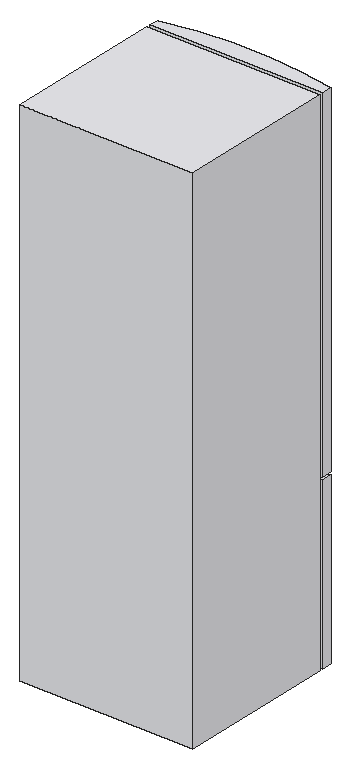
Revit family "Холодильник бытовой средний двухкамерный", category Обобщенные модели, Revit 2012
Parameters (values of type "Ручки справа H 1800")
  Ручки справа = not(Ручки слева)  # yes
  Ручки слева = no
  Ножки = Ножки
  Assembly Code = ""
  Ручки = Хром
  Панели = Акрил
  Высота морозилки = 600 mm
  Высота = 1800 mm
Reference planes
  plane 1 "Center (Front/Back)": y = 0
  plane 2: z = -10
  plane 3 "Center (Left/Right)": x = 0
  plane 4: z = 590
  plane 5: z = 622.424
Forms (mm)
  Extrusion 1, solid, material "Акрил" <- "Панели", not visible
    sketch origin (0, 0, -10) x (1, 0, 0) y (0, 1, 0)
      loop
        line (-300, 0) -> (-300, -550) -> (300, -550) -> (300, 0) -> (-300, 0)
    from 12.812 to 1800
  Extrusion 2, solid, material "Акрил" <- "Панели", not visible
    sketch origin (0, 0, -10) x (1, 0, 0) y (0, 1, 0)
      loop
        line (285, -550) -> (-285, -550) -> (-285, -560) -> (-300, -560) -> (-300, -595)
        spline (-300, -595) -> (-250, -604.742) -> (-200, -612.713) -> (-150, -618.913) -> (-100, -623.341) -> (-50, -625.998) -> (0, -626.883) -> (50, -625.998) -> (100, -623.341) -> (150, -618.913) -> (200, -612.713) -> (250, -604.742) -> (300, -595)
        line (300, -595) -> (300, -560) -> (285, -560) -> (285, -550)
    from 12.812 to 1858.143
  Extrusion 3, void, not visible
    sketch origin (0, 3.865, 0) x (1, 0, 0) y (0, 0, 1)
      loop
        spline (-300, 1800) -> (-250, 1813.142) -> (-200, 1823.895) -> (-150, 1832.259) -> (-100, 1838.233) -> (-50, 1841.817) -> (0, 1843.012) -> (50, 1841.817) -> (100, 1838.233) -> (150, 1832.259) -> (200, 1823.895) -> (250, 1813.142) -> (300, 1800)
        line (300, 1800) -> (300, 1848.143) -> (-300, 1848.143) -> (-300, 1800)
    from 0 to 650
  Extrusion 4, void, not visible
    sketch origin (0, 3.865, 0) x (1, 0, 0) y (0, 0, 1)
      loop
        line (-300, 65) -> (300, 65) -> (300, 75) -> (-300, 75) -> (-300, 65)
    from 550 to 650
  Extrusion 5, void, not visible
    sketch origin (0, 3.865, 0) x (1, 0, 0) y (0, 0, 1)
      loop
        arc (-265.847, 51.864) -> (-268.847, 48.864) -> (-265.847, 45.864) r 3
        line (-265.847, 45.864) -> (-230.847, 45.864)
        arc (-230.847, 45.864) -> (-227.847, 48.864) -> (-230.847, 51.864) r 3
        line (-230.847, 51.864) -> (-265.847, 51.864)
      loop
        arc (-265.847, 36.864) -> (-268.847, 33.864) -> (-265.847, 30.864) r 3
        line (-265.847, 30.864) -> (-230.847, 30.864)
        arc (-230.847, 30.864) -> (-227.847, 33.864) -> (-230.847, 36.864) r 3
        line (-230.847, 36.864) -> (-265.847, 36.864)
      loop
        arc (-265.847, 21.864) -> (-268.847, 18.864) -> (-265.847, 15.864) r 3
        line (-265.847, 15.864) -> (-230.847, 15.864)
        arc (-230.847, 15.864) -> (-227.847, 18.864) -> (-230.847, 21.864) r 3
        line (-230.847, 21.864) -> (-265.847, 21.864)
      loop
        arc (-210.847, 51.864) -> (-213.847, 48.864) -> (-210.847, 45.864) r 3
        line (-210.847, 45.864) -> (-175.847, 45.864)
        arc (-175.847, 45.864) -> (-172.847, 48.864) -> (-175.847, 51.864) r 3
        line (-175.847, 51.864) -> (-210.847, 51.864)
      loop
        arc (-210.847, 36.864) -> (-213.847, 33.864) -> (-210.847, 30.864) r 3
        line (-210.847, 30.864) -> (-175.847, 30.864)
        arc (-175.847, 30.864) -> (-172.847, 33.864) -> (-175.847, 36.864) r 3
        line (-175.847, 36.864) -> (-210.847, 36.864)
      loop
        arc (-210.847, 21.864) -> (-213.847, 18.864) -> (-210.847, 15.864) r 3
        line (-210.847, 15.864) -> (-175.847, 15.864)
        arc (-175.847, 15.864) -> (-172.847, 18.864) -> (-175.847, 21.864) r 3
        line (-175.847, 21.864) -> (-210.847, 21.864)
      loop
        arc (-155.847, 51.864) -> (-158.847, 48.864) -> (-155.847, 45.864) r 3
        line (-155.847, 45.864) -> (-120.847, 45.864)
        arc (-120.847, 45.864) -> (-117.847, 48.864) -> (-120.847, 51.864) r 3
        line (-120.847, 51.864) -> (-155.847, 51.864)
      loop
        arc (-155.847, 36.864) -> (-158.847, 33.864) -> (-155.847, 30.864) r 3
        line (-155.847, 30.864) -> (-120.847, 30.864)
        arc (-120.847, 30.864) -> (-117.847, 33.864) -> (-120.847, 36.864) r 3
        line (-120.847, 36.864) -> (-155.847, 36.864)
      loop
        arc (-155.847, 21.864) -> (-158.847, 18.864) -> (-155.847, 15.864) r 3
        line (-155.847, 15.864) -> (-120.847, 15.864)
        arc (-120.847, 15.864) -> (-117.847, 18.864) -> (-120.847, 21.864) r 3
        line (-120.847, 21.864) -> (-155.847, 21.864)
      loop
        arc (-100.847, 51.864) -> (-103.847, 48.864) -> (-100.847, 45.864) r 3
        line (-100.847, 45.864) -> (-65.847, 45.864)
        arc (-65.847, 45.864) -> (-62.847, 48.864) -> (-65.847, 51.864) r 3
        line (-65.847, 51.864) -> (-100.847, 51.864)
      loop
        arc (-100.847, 36.864) -> (-103.847, 33.864) -> (-100.847, 30.864) r 3
        line (-100.847, 30.864) -> (-65.847, 30.864)
        arc (-65.847, 30.864) -> (-62.847, 33.864) -> (-65.847, 36.864) r 3
        line (-65.847, 36.864) -> (-100.847, 36.864)
      loop
        arc (-100.847, 21.864) -> (-103.847, 18.864) -> (-100.847, 15.864) r 3
        line (-100.847, 15.864) -> (-65.847, 15.864)
        arc (-65.847, 15.864) -> (-62.847, 18.864) -> (-65.847, 21.864) r 3
        line (-65.847, 21.864) -> (-100.847, 21.864)
      loop
        arc (-45.847, 51.864) -> (-48.847, 48.864) -> (-45.847, 45.864) r 3
        line (-45.847, 45.864) -> (-10.847, 45.864)
        arc (-10.847, 45.864) -> (-7.847, 48.864) -> (-10.847, 51.864) r 3
        line (-10.847, 51.864) -> (-45.847, 51.864)
      loop
        arc (-45.847, 36.864) -> (-48.847, 33.864) -> (-45.847, 30.864) r 3
        line (-45.847, 30.864) -> (-10.847, 30.864)
        arc (-10.847, 30.864) -> (-7.847, 33.864) -> (-10.847, 36.864) r 3
        line (-10.847, 36.864) -> (-45.847, 36.864)
      loop
        arc (-45.847, 21.864) -> (-48.847, 18.864) -> (-45.847, 15.864) r 3
        line (-45.847, 15.864) -> (-10.847, 15.864)
        arc (-10.847, 15.864) -> (-7.847, 18.864) -> (-10.847, 21.864) r 3
        line (-10.847, 21.864) -> (-45.847, 21.864)
      loop
        arc (9.153, 51.864) -> (6.153, 48.864) -> (9.153, 45.864) r 3
        line (9.153, 45.864) -> (44.153, 45.864)
        arc (44.153, 45.864) -> (47.153, 48.864) -> (44.153, 51.864) r 3
        line (44.153, 51.864) -> (9.153, 51.864)
      loop
        arc (9.153, 36.864) -> (6.153, 33.864) -> (9.153, 30.864) r 3
        line (9.153, 30.864) -> (44.153, 30.864)
        arc (44.153, 30.864) -> (47.153, 33.864) -> (44.153, 36.864) r 3
        line (44.153, 36.864) -> (9.153, 36.864)
      loop
        arc (9.153, 21.864) -> (6.153, 18.864) -> (9.153, 15.864) r 3
        line (9.153, 15.864) -> (44.153, 15.864)
        arc (44.153, 15.864) -> (47.153, 18.864) -> (44.153, 21.864) r 3
        line (44.153, 21.864) -> (9.153, 21.864)
      loop
        arc (64.153, 51.864) -> (61.153, 48.864) -> (64.153, 45.864) r 3
        line (64.153, 45.864) -> (99.153, 45.864)
        arc (99.153, 45.864) -> (102.153, 48.864) -> (99.153, 51.864) r 3
        line (99.153, 51.864) -> (64.153, 51.864)
      loop
        arc (64.153, 36.864) -> (61.153, 33.864) -> (64.153, 30.864) r 3
        line (64.153, 30.864) -> (99.153, 30.864)
        arc (99.153, 30.864) -> (102.153, 33.864) -> (99.153, 36.864) r 3
        line (99.153, 36.864) -> (64.153, 36.864)
      loop
        arc (64.153, 21.864) -> (61.153, 18.864) -> (64.153, 15.864) r 3
        line (64.153, 15.864) -> (99.153, 15.864)
        arc (99.153, 15.864) -> (102.153, 18.864) -> (99.153, 21.864) r 3
        line (99.153, 21.864) -> (64.153, 21.864)
      loop
        arc (119.153, 51.864) -> (116.153, 48.864) -> (119.153, 45.864) r 3
        line (119.153, 45.864) -> (154.153, 45.864)
        arc (154.153, 45.864) -> (157.153, 48.864) -> (154.153, 51.864) r 3
        line (154.153, 51.864) -> (119.153, 51.864)
      loop
        arc (119.153, 36.864) -> (116.153, 33.864) -> (119.153, 30.864) r 3
        line (119.153, 30.864) -> (154.153, 30.864)
        arc (154.153, 30.864) -> (157.153, 33.864) -> (154.153, 36.864) r 3
        line (154.153, 36.864) -> (119.153, 36.864)
      loop
        arc (119.153, 21.864) -> (116.153, 18.864) -> (119.153, 15.864) r 3
        line (119.153, 15.864) -> (154.153, 15.864)
        arc (154.153, 15.864) -> (157.153, 18.864) -> (154.153, 21.864) r 3
        line (154.153, 21.864) -> (119.153, 21.864)
      loop
        arc (174.153, 51.864) -> (171.153, 48.864) -> (174.153, 45.864) r 3
        line (174.153, 45.864) -> (209.153, 45.864)
        arc (209.153, 45.864) -> (212.153, 48.864) -> (209.153, 51.864) r 3
        line (209.153, 51.864) -> (174.153, 51.864)
      loop
        arc (174.153, 36.864) -> (171.153, 33.864) -> (174.153, 30.864) r 3
        line (174.153, 30.864) -> (209.153, 30.864)
        arc (209.153, 30.864) -> (212.153, 33.864) -> (209.153, 36.864) r 3
        line (209.153, 36.864) -> (174.153, 36.864)
      loop
        arc (174.153, 21.864) -> (171.153, 18.864) -> (174.153, 15.864) r 3
        line (174.153, 15.864) -> (209.153, 15.864)
        arc (209.153, 15.864) -> (212.153, 18.864) -> (209.153, 21.864) r 3
        line (209.153, 21.864) -> (174.153, 21.864)
      loop
        arc (229.153, 51.864) -> (226.153, 48.864) -> (229.153, 45.864) r 3
        line (229.153, 45.864) -> (264.153, 45.864)
        arc (264.153, 45.864) -> (267.153, 48.864) -> (264.153, 51.864) r 3
        line (264.153, 51.864) -> (229.153, 51.864)
      loop
        arc (229.153, 36.864) -> (226.153, 33.864) -> (229.153, 30.864) r 3
        line (229.153, 30.864) -> (264.153, 30.864)
        arc (264.153, 30.864) -> (267.153, 33.864) -> (264.153, 36.864) r 3
        line (264.153, 36.864) -> (229.153, 36.864)
      loop
        arc (229.153, 21.864) -> (226.153, 18.864) -> (229.153, 15.864) r 3
        line (229.153, 15.864) -> (264.153, 15.864)
        arc (264.153, 15.864) -> (267.153, 18.864) -> (264.153, 21.864) r 3
        line (264.153, 21.864) -> (229.153, 21.864)
    from 569.649 to 650
  Extrusion 6, void, not visible
    sketch origin (0, 3.865, 2432.424) x (1, 0, 0) y (0, 0, 1)
      loop
        line (-300, -1800) -> (-300, -1810)
        spline (-300, -1810) -> (-250, -1823.142) -> (-200, -1833.895) -> (-150, -1842.259) -> (-100, -1848.233) -> (-50, -1851.817) -> (0, -1853.012) -> (50, -1851.817) -> (100, -1848.233) -> (150, -1842.259) -> (200, -1833.895) -> (250, -1823.142) -> (300, -1810)
        line (300, -1810) -> (300, -1800)
        spline (300, -1800) -> (250, -1813.142) -> (200, -1823.895) -> (150, -1832.259) -> (100, -1838.233) -> (50, -1841.817) -> (0, -1843.012) -> (-50, -1841.817) -> (-100, -1838.233) -> (-150, -1832.259) -> (-200, -1823.895) -> (-250, -1813.142) -> (-300, -1800)
    from 550 to 650
  Extrusion 7, solid, material "Хром" <- "Ручки", not visible
    sketch origin (0, 0, -10) x (1, 0, 0) y (0, 1, 0)
      loop
        circle (-262.855, -35.133) r 15
      loop
        circle (262.855, -35.133) r 15
      loop
        circle (-262.855, -515.133) r 15
      loop
        circle (262.855, -515.133) r 15
    from 0 to 12.812
  Extrusion 8, void, not visible
    sketch origin (0, 0, 2.812) x (1, 0, 0) y (0, 1, 0)
      loop
        line (-300, -577.5) -> (-300, -637.5) -> (300, -637.5) -> (300, -577.5) -> (-300, -577.5)
    from 0 to 62.188
  Extrusion 9, solid, material "Хром" <- "Ручки", not visible
    sketch origin (0, 0, 65) x (-1, 0, 0) y (0, 0, -1)
      loop
        arc (-300, -635) -> (-302, -633) -> (-304, -635) r 2
        line (-304, -635) -> (-304, -645)
        arc (-304, -645) -> (-302, -647) -> (-300, -645) r 2
        line (-300, -645) -> (-300, -635)
      loop
        arc (-300, -815) -> (-302, -813) -> (-304, -815) r 2
        line (-304, -815) -> (-304, -825)
        arc (-304, -825) -> (-302, -827) -> (-300, -825) r 2
        line (-300, -825) -> (-300, -815)
    from 560 to 608.948
  Sweep 10, solid, material "Хром" <- "Ручки", not visible
    path origin (0.137, -0.078, -10) x (-1, 0, 0) y (0, -1, 0)
      loop
        arc (-302, 608.855) -> (-299.976, 613.852) -> (-295, 615.928) r 7
        line (-295, 615.928) -> (-282.358, 615.928)
    profile origin (288.816, -616.006, -10) x (0, -1, 0) y (0, 0, 1)
      loop
        line (1.851, 890) -> (1.851, 900)
        arc (1.851, 900) -> (-0.149, 902) -> (-2.149, 900) r 2
        line (-2.149, 900) -> (-2.149, 890)
        arc (-2.149, 890) -> (-0.149, 888) -> (1.851, 890) r 2
  Sweep 11, solid, material "Хром" <- "Ручки", not visible
    path origin (0.137, -0.078, -125) x (-1, 0, 0) y (0, -1, 0)
      loop
        arc (-302, 608.855) -> (-299.976, 613.852) -> (-295, 615.928) r 7
        line (-295, 615.928) -> (-282.358, 615.928)
    profile origin (288.816, -616.006, -125) x (0, -1, 0) y (0, 0, 1)
      loop
        line (1.851, 825) -> (1.851, 835)
        arc (1.851, 835) -> (-0.149, 837) -> (-2.149, 835) r 2
        line (-2.149, 835) -> (-2.149, 825)
        arc (-2.149, 825) -> (-0.149, 823) -> (1.851, 825) r 2
  Sweep 12, solid, material "Хром" <- "Ручки", not visible
    path origin (0, 0, 65) x (-1, 0, 0) y (0, 0, -1)
      loop
        arc (-282.495, -640) -> (-277.545, -642.05) -> (-275.495, -647) r 7
        line (-275.495, -647) -> (-275.495, -813)
        arc (-275.495, -813) -> (-277.545, -817.95) -> (-282.495, -820) r 7
    profile origin (275.495, 0, 795) x (-1, 0, 0) y (0, -1, 0)
      loop
        line (-4.922, 613.857) -> (5.078, 613.857)
        arc (5.078, 613.857) -> (7.078, 615.857) -> (5.078, 617.857) r 2
        line (5.078, 617.857) -> (-4.922, 617.857)
        arc (-4.922, 617.857) -> (-6.922, 615.857) -> (-4.922, 613.857) r 2
  Extrusion 13, solid, material "Хром" <- "Ручки", not visible
    sketch origin (0, 0, -255) x (-1, 0, 0) y (0, 0, -1)
      loop
        arc (-300, -635) -> (-302, -633) -> (-304, -635) r 2
        line (-304, -635) -> (-304, -645)
        arc (-304, -645) -> (-302, -647) -> (-300, -645) r 2
        line (-300, -645) -> (-300, -635)
      loop
        arc (-300, -815) -> (-302, -813) -> (-304, -815) r 2
        line (-304, -815) -> (-304, -825)
        arc (-304, -825) -> (-302, -827) -> (-300, -825) r 2
        line (-300, -825) -> (-300, -815)
    from 560 to 608.948
  Sweep 14, solid, material "Хром" <- "Ручки", not visible
    path origin (0.137, -0.078, -315) x (-1, 0, 0) y (0, -1, 0)
      loop
        arc (-302, 608.855) -> (-299.976, 613.852) -> (-295, 615.928) r 7
        line (-295, 615.928) -> (-282.358, 615.928)
    profile origin (288.816, -616.006, -315) x (0, -1, 0) y (0, 0, 1)
      loop
        line (1.851, 875) -> (1.851, 885)
        arc (1.851, 885) -> (-0.149, 887) -> (-2.149, 885) r 2
        line (-2.149, 885) -> (-2.149, 875)
        arc (-2.149, 875) -> (-0.149, 873) -> (1.851, 875) r 2
  Sweep 15, solid, material "Хром" <- "Ручки", not visible
    path origin (0.137, -0.078, -445) x (-1, 0, 0) y (0, -1, 0)
      loop
        arc (-302, 608.855) -> (-299.976, 613.852) -> (-295, 615.928) r 7
        line (-295, 615.928) -> (-282.358, 615.928)
    profile origin (288.816, -616.006, -445) x (0, -1, 0) y (0, 0, 1)
      loop
        line (1.851, 825) -> (1.851, 835)
        arc (1.851, 835) -> (-0.149, 837) -> (-2.149, 835) r 2
        line (-2.149, 835) -> (-2.149, 825)
        arc (-2.149, 825) -> (-0.149, 823) -> (1.851, 825) r 2
  Sweep 16, solid, material "Хром" <- "Ручки", not visible
    path origin (0, 0, -255) x (-1, 0, 0) y (0, 0, -1)
      loop
        arc (-282.495, -640) -> (-277.545, -642.05) -> (-275.495, -647) r 7
        line (-275.495, -647) -> (-275.495, -813)
        arc (-275.495, -813) -> (-277.545, -817.95) -> (-282.495, -820) r 7
    profile origin (275.495, 0, 475) x (-1, 0, 0) y (0, -1, 0)
      loop
        line (-4.922, 613.857) -> (5.078, 613.857)
        arc (5.078, 613.857) -> (7.078, 615.857) -> (5.078, 617.857) r 2
        line (5.078, 617.857) -> (-4.922, 617.857)
        arc (-4.922, 617.857) -> (-6.922, 615.857) -> (-4.922, 613.857) r 2
  Extrusion 17, solid, material "Акрил" <- "Панели"
    sketch origin (-300, 0, -10) x (-1, 0, 0) y (0, -1, 0)
      loop
        line (-300, 0) -> (-300, -550) -> (300, -550) -> (300, 0) -> (-300, 0)
    from 12.812 to 1800
  Extrusion 18, solid, material "Акрил" <- "Панели"
    sketch origin (-300, 0, -10) x (-1, 0, 0) y (0, -1, 0)
      loop
        line (285, -550) -> (-285, -550) -> (-285, -560) -> (-300, -560) -> (-300, -595)
        spline (-300, -595) -> (-250, -604.742) -> (-200, -612.713) -> (-150, -618.913) -> (-100, -623.341) -> (-50, -625.998) -> (0, -626.883) -> (50, -625.998) -> (100, -623.341) -> (150, -618.913) -> (200, -612.713) -> (250, -604.742) -> (300, -595)
        line (300, -595) -> (300, -560) -> (285, -560) -> (285, -550)
    from 12.812 to 1800
  Extrusion 19, void
    sketch origin (-300, -3.865, 0) x (-1, 0, 0) y (0, 0, 1)
      loop
        arc (-265.847, 51.864) -> (-268.847, 48.864) -> (-265.847, 45.864) r 3
        line (-265.847, 45.864) -> (-230.847, 45.864)
        arc (-230.847, 45.864) -> (-227.847, 48.864) -> (-230.847, 51.864) r 3
        line (-230.847, 51.864) -> (-265.847, 51.864)
      loop
        arc (-265.847, 36.864) -> (-268.847, 33.864) -> (-265.847, 30.864) r 3
        line (-265.847, 30.864) -> (-230.847, 30.864)
        arc (-230.847, 30.864) -> (-227.847, 33.864) -> (-230.847, 36.864) r 3
        line (-230.847, 36.864) -> (-265.847, 36.864)
      loop
        arc (-265.847, 21.864) -> (-268.847, 18.864) -> (-265.847, 15.864) r 3
        line (-265.847, 15.864) -> (-230.847, 15.864)
        arc (-230.847, 15.864) -> (-227.847, 18.864) -> (-230.847, 21.864) r 3
        line (-230.847, 21.864) -> (-265.847, 21.864)
      loop
        arc (-210.847, 51.864) -> (-213.847, 48.864) -> (-210.847, 45.864) r 3
        line (-210.847, 45.864) -> (-175.847, 45.864)
        arc (-175.847, 45.864) -> (-172.847, 48.864) -> (-175.847, 51.864) r 3
        line (-175.847, 51.864) -> (-210.847, 51.864)
      loop
        arc (-210.847, 36.864) -> (-213.847, 33.864) -> (-210.847, 30.864) r 3
        line (-210.847, 30.864) -> (-175.847, 30.864)
        arc (-175.847, 30.864) -> (-172.847, 33.864) -> (-175.847, 36.864) r 3
        line (-175.847, 36.864) -> (-210.847, 36.864)
      loop
        arc (-210.847, 21.864) -> (-213.847, 18.864) -> (-210.847, 15.864) r 3
        line (-210.847, 15.864) -> (-175.847, 15.864)
        arc (-175.847, 15.864) -> (-172.847, 18.864) -> (-175.847, 21.864) r 3
        line (-175.847, 21.864) -> (-210.847, 21.864)
      loop
        arc (-155.847, 51.864) -> (-158.847, 48.864) -> (-155.847, 45.864) r 3
        line (-155.847, 45.864) -> (-120.847, 45.864)
        arc (-120.847, 45.864) -> (-117.847, 48.864) -> (-120.847, 51.864) r 3
        line (-120.847, 51.864) -> (-155.847, 51.864)
      loop
        arc (-155.847, 36.864) -> (-158.847, 33.864) -> (-155.847, 30.864) r 3
        line (-155.847, 30.864) -> (-120.847, 30.864)
        arc (-120.847, 30.864) -> (-117.847, 33.864) -> (-120.847, 36.864) r 3
        line (-120.847, 36.864) -> (-155.847, 36.864)
      loop
        arc (-155.847, 21.864) -> (-158.847, 18.864) -> (-155.847, 15.864) r 3
        line (-155.847, 15.864) -> (-120.847, 15.864)
        arc (-120.847, 15.864) -> (-117.847, 18.864) -> (-120.847, 21.864) r 3
        line (-120.847, 21.864) -> (-155.847, 21.864)
      loop
        arc (-100.847, 51.864) -> (-103.847, 48.864) -> (-100.847, 45.864) r 3
        line (-100.847, 45.864) -> (-65.847, 45.864)
        arc (-65.847, 45.864) -> (-62.847, 48.864) -> (-65.847, 51.864) r 3
        line (-65.847, 51.864) -> (-100.847, 51.864)
      loop
        arc (-100.847, 36.864) -> (-103.847, 33.864) -> (-100.847, 30.864) r 3
        line (-100.847, 30.864) -> (-65.847, 30.864)
        arc (-65.847, 30.864) -> (-62.847, 33.864) -> (-65.847, 36.864) r 3
        line (-65.847, 36.864) -> (-100.847, 36.864)
      loop
        arc (-100.847, 21.864) -> (-103.847, 18.864) -> (-100.847, 15.864) r 3
        line (-100.847, 15.864) -> (-65.847, 15.864)
        arc (-65.847, 15.864) -> (-62.847, 18.864) -> (-65.847, 21.864) r 3
        line (-65.847, 21.864) -> (-100.847, 21.864)
      loop
        arc (-45.847, 51.864) -> (-48.847, 48.864) -> (-45.847, 45.864) r 3
        line (-45.847, 45.864) -> (-10.847, 45.864)
        arc (-10.847, 45.864) -> (-7.847, 48.864) -> (-10.847, 51.864) r 3
        line (-10.847, 51.864) -> (-45.847, 51.864)
      loop
        arc (-45.847, 36.864) -> (-48.847, 33.864) -> (-45.847, 30.864) r 3
        line (-45.847, 30.864) -> (-10.847, 30.864)
        arc (-10.847, 30.864) -> (-7.847, 33.864) -> (-10.847, 36.864) r 3
        line (-10.847, 36.864) -> (-45.847, 36.864)
      loop
        arc (-45.847, 21.864) -> (-48.847, 18.864) -> (-45.847, 15.864) r 3
        line (-45.847, 15.864) -> (-10.847, 15.864)
        arc (-10.847, 15.864) -> (-7.847, 18.864) -> (-10.847, 21.864) r 3
        line (-10.847, 21.864) -> (-45.847, 21.864)
      loop
        arc (9.153, 51.864) -> (6.153, 48.864) -> (9.153, 45.864) r 3
        line (9.153, 45.864) -> (44.153, 45.864)
        arc (44.153, 45.864) -> (47.153, 48.864) -> (44.153, 51.864) r 3
        line (44.153, 51.864) -> (9.153, 51.864)
      loop
        arc (9.153, 36.864) -> (6.153, 33.864) -> (9.153, 30.864) r 3
        line (9.153, 30.864) -> (44.153, 30.864)
        arc (44.153, 30.864) -> (47.153, 33.864) -> (44.153, 36.864) r 3
        line (44.153, 36.864) -> (9.153, 36.864)
      loop
        arc (9.153, 21.864) -> (6.153, 18.864) -> (9.153, 15.864) r 3
        line (9.153, 15.864) -> (44.153, 15.864)
        arc (44.153, 15.864) -> (47.153, 18.864) -> (44.153, 21.864) r 3
        line (44.153, 21.864) -> (9.153, 21.864)
      loop
        arc (64.153, 51.864) -> (61.153, 48.864) -> (64.153, 45.864) r 3
        line (64.153, 45.864) -> (99.153, 45.864)
        arc (99.153, 45.864) -> (102.153, 48.864) -> (99.153, 51.864) r 3
        line (99.153, 51.864) -> (64.153, 51.864)
      loop
        arc (64.153, 36.864) -> (61.153, 33.864) -> (64.153, 30.864) r 3
        line (64.153, 30.864) -> (99.153, 30.864)
        arc (99.153, 30.864) -> (102.153, 33.864) -> (99.153, 36.864) r 3
        line (99.153, 36.864) -> (64.153, 36.864)
      loop
        arc (64.153, 21.864) -> (61.153, 18.864) -> (64.153, 15.864) r 3
        line (64.153, 15.864) -> (99.153, 15.864)
        arc (99.153, 15.864) -> (102.153, 18.864) -> (99.153, 21.864) r 3
        line (99.153, 21.864) -> (64.153, 21.864)
      loop
        arc (119.153, 51.864) -> (116.153, 48.864) -> (119.153, 45.864) r 3
        line (119.153, 45.864) -> (154.153, 45.864)
        arc (154.153, 45.864) -> (157.153, 48.864) -> (154.153, 51.864) r 3
        line (154.153, 51.864) -> (119.153, 51.864)
      loop
        arc (119.153, 36.864) -> (116.153, 33.864) -> (119.153, 30.864) r 3
        line (119.153, 30.864) -> (154.153, 30.864)
        arc (154.153, 30.864) -> (157.153, 33.864) -> (154.153, 36.864) r 3
        line (154.153, 36.864) -> (119.153, 36.864)
      loop
        arc (119.153, 21.864) -> (116.153, 18.864) -> (119.153, 15.864) r 3
        line (119.153, 15.864) -> (154.153, 15.864)
        arc (154.153, 15.864) -> (157.153, 18.864) -> (154.153, 21.864) r 3
        line (154.153, 21.864) -> (119.153, 21.864)
      loop
        arc (174.153, 51.864) -> (171.153, 48.864) -> (174.153, 45.864) r 3
        line (174.153, 45.864) -> (209.153, 45.864)
        arc (209.153, 45.864) -> (212.153, 48.864) -> (209.153, 51.864) r 3
        line (209.153, 51.864) -> (174.153, 51.864)
      loop
        arc (174.153, 36.864) -> (171.153, 33.864) -> (174.153, 30.864) r 3
        line (174.153, 30.864) -> (209.153, 30.864)
        arc (209.153, 30.864) -> (212.153, 33.864) -> (209.153, 36.864) r 3
        line (209.153, 36.864) -> (174.153, 36.864)
      loop
        arc (174.153, 21.864) -> (171.153, 18.864) -> (174.153, 15.864) r 3
        line (174.153, 15.864) -> (209.153, 15.864)
        arc (209.153, 15.864) -> (212.153, 18.864) -> (209.153, 21.864) r 3
        line (209.153, 21.864) -> (174.153, 21.864)
      loop
        arc (229.153, 51.864) -> (226.153, 48.864) -> (229.153, 45.864) r 3
        line (229.153, 45.864) -> (264.153, 45.864)
        arc (264.153, 45.864) -> (267.153, 48.864) -> (264.153, 51.864) r 3
        line (264.153, 51.864) -> (229.153, 51.864)
      loop
        arc (229.153, 36.864) -> (226.153, 33.864) -> (229.153, 30.864) r 3
        line (229.153, 30.864) -> (264.153, 30.864)
        arc (264.153, 30.864) -> (267.153, 33.864) -> (264.153, 36.864) r 3
        line (264.153, 36.864) -> (229.153, 36.864)
      loop
        arc (229.153, 21.864) -> (226.153, 18.864) -> (229.153, 15.864) r 3
        line (229.153, 15.864) -> (264.153, 15.864)
        arc (264.153, 15.864) -> (267.153, 18.864) -> (264.153, 21.864) r 3
        line (264.153, 21.864) -> (229.153, 21.864)
    from 553.865 to 639.785
  Extrusion 20, void
    sketch origin (-300, -3.865, 2400) x (-1, 0, 0) y (0, 0, 1)
      loop
        line (-300, -1800) -> (-300, -1810)
        spline (-300, -1810) -> (-250, -1823.142) -> (-200, -1833.895) -> (-150, -1842.259) -> (-100, -1848.233) -> (-50, -1851.817) -> (0, -1853.012) -> (50, -1851.817) -> (100, -1848.233) -> (150, -1842.259) -> (200, -1833.895) -> (250, -1823.142) -> (300, -1810)
        line (300, -1810) -> (300, -1800)
        spline (300, -1800) -> (250, -1813.142) -> (200, -1823.895) -> (150, -1832.259) -> (100, -1838.233) -> (50, -1841.817) -> (0, -1843.012) -> (-50, -1841.817) -> (-100, -1838.233) -> (-150, -1832.259) -> (-200, -1823.895) -> (-250, -1813.142) -> (-300, -1800)
    from 550 to 650
  Extrusion 21, solid, material "Ножки" <- "Ножки"
    sketch origin (-300, 0, -10) x (-1, 0, 0) y (0, -1, 0)
      loop
        circle (-262.855, -35.133) r 15
      loop
        circle (262.855, -35.133) r 15
      loop
        circle (-262.855, -515.133) r 15
      loop
        circle (262.855, -515.133) r 15
    from 0 to 12.812
  Extrusion 22, solid, material "Хром" <- "Ручки", visible <- "Ручки справа"
    sketch origin (-300, 0, 32.576) x (1, 0, 0) y (0, 0, -1)
      loop
        arc (-300, -635) -> (-302, -633) -> (-304, -635) r 2
        line (-304, -635) -> (-304, -645)
        arc (-304, -645) -> (-302, -647) -> (-300, -645) r 2
        line (-300, -645) -> (-300, -635)
      loop
        arc (-300, -815) -> (-302, -813) -> (-304, -815) r 2
        line (-304, -815) -> (-304, -825)
        arc (-304, -825) -> (-302, -827) -> (-300, -825) r 2
        line (-300, -825) -> (-300, -815)
    from 560 to 608.948
  Sweep 23, solid, material "Хром" <- "Ручки", visible <- "Ручки справа"
    path origin (-300.137, 0.078, -42.424) x (1, 0, 0) y (0, 1, 0)
      loop
        arc (-302, 608.855) -> (-299.976, 613.852) -> (-295, 615.928) r 7
        line (-295, 615.928) -> (-282.358, 615.928)
    profile origin (-588.816, 616.006, -42.424) x (0, 1, 0) y (0, 0, 1)
      loop
        line (1.851, 890) -> (1.851, 900)
        arc (1.851, 900) -> (-0.149, 902) -> (-2.149, 900) r 2
        line (-2.149, 900) -> (-2.149, 890)
        arc (-2.149, 890) -> (-0.149, 888) -> (1.851, 890) r 2
  Sweep 24, solid, material "Хром" <- "Ручки", visible <- "Ручки справа"
    path origin (-300.137, 0.078, -157.424) x (1, 0, 0) y (0, 1, 0)
      loop
        arc (-302, 608.855) -> (-299.976, 613.852) -> (-295, 615.928) r 7
        line (-295, 615.928) -> (-282.358, 615.928)
    profile origin (-588.816, 616.006, -157.424) x (0, 1, 0) y (0, 0, 1)
      loop
        line (1.851, 825) -> (1.851, 835)
        arc (1.851, 835) -> (-0.149, 837) -> (-2.149, 835) r 2
        line (-2.149, 835) -> (-2.149, 825)
        arc (-2.149, 825) -> (-0.149, 823) -> (1.851, 825) r 2
  Sweep 25, solid, material "Хром" <- "Ручки", visible <- "Ручки справа"
    path origin (-300, 0, 32.576) x (1, 0, 0) y (0, 0, -1)
      loop
        arc (-282.495, -640) -> (-277.545, -642.05) -> (-275.495, -647) r 7
        line (-275.495, -647) -> (-275.495, -813)
        arc (-275.495, -813) -> (-277.545, -817.95) -> (-282.495, -820) r 7
    profile origin (-575.495, 0, 762.576) x (1, 0, 0) y (0, 1, 0)
      loop
        line (-4.922, 613.857) -> (5.078, 613.857)
        arc (5.078, 613.857) -> (7.078, 615.857) -> (5.078, 617.857) r 2
        line (5.078, 617.857) -> (-4.922, 617.857)
        arc (-4.922, 617.857) -> (-6.922, 615.857) -> (-4.922, 613.857) r 2
  Extrusion 26, solid, material "Хром" <- "Ручки", visible <- "Ручки справа"
    sketch origin (-300, 0, -287.424) x (1, 0, 0) y (0, 0, -1)
      loop
        arc (-300, -635) -> (-302, -633) -> (-304, -635) r 2
        line (-304, -635) -> (-304, -645)
        arc (-304, -645) -> (-302, -647) -> (-300, -645) r 2
        line (-300, -645) -> (-300, -635)
      loop
        arc (-300, -815) -> (-302, -813) -> (-304, -815) r 2
        line (-304, -815) -> (-304, -825)
        arc (-304, -825) -> (-302, -827) -> (-300, -825) r 2
        line (-300, -825) -> (-300, -815)
    from 560 to 608.948
  Sweep 27, solid, material "Хром" <- "Ручки", visible <- "Ручки справа"
    path origin (-300.137, 0.078, -347.424) x (1, 0, 0) y (0, 1, 0)
      loop
        arc (-302, 608.855) -> (-299.976, 613.852) -> (-295, 615.928) r 7
        line (-295, 615.928) -> (-282.358, 615.928)
    profile origin (-588.816, 616.006, -347.424) x (0, 1, 0) y (0, 0, 1)
      loop
        line (1.851, 875) -> (1.851, 885)
        arc (1.851, 885) -> (-0.149, 887) -> (-2.149, 885) r 2
        line (-2.149, 885) -> (-2.149, 875)
        arc (-2.149, 875) -> (-0.149, 873) -> (1.851, 875) r 2
  Sweep 28, solid, material "Хром" <- "Ручки", visible <- "Ручки справа"
    path origin (-300.137, 0.078, -477.424) x (1, 0, 0) y (0, 1, 0)
      loop
        arc (-302, 608.855) -> (-299.976, 613.852) -> (-295, 615.928) r 7
        line (-295, 615.928) -> (-282.358, 615.928)
    profile origin (-588.816, 616.006, -477.424) x (0, 1, 0) y (0, 0, 1)
      loop
        line (1.851, 825) -> (1.851, 835)
        arc (1.851, 835) -> (-0.149, 837) -> (-2.149, 835) r 2
        line (-2.149, 835) -> (-2.149, 825)
        arc (-2.149, 825) -> (-0.149, 823) -> (1.851, 825) r 2
  Sweep 29, solid, material "Хром" <- "Ручки", visible <- "Ручки справа"
    path origin (-300, 0, -287.424) x (1, 0, 0) y (0, 0, -1)
      loop
        arc (-282.495, -640) -> (-277.545, -642.05) -> (-275.495, -647) r 7
        line (-275.495, -647) -> (-275.495, -813)
        arc (-275.495, -813) -> (-277.545, -817.95) -> (-282.495, -820) r 7
    profile origin (-575.495, 0, 442.576) x (1, 0, 0) y (0, 1, 0)
      loop
        line (-4.922, 613.857) -> (5.078, 613.857)
        arc (5.078, 613.857) -> (7.078, 615.857) -> (5.078, 617.857) r 2
        line (5.078, 617.857) -> (-4.922, 617.857)
        arc (-4.922, 617.857) -> (-6.922, 615.857) -> (-4.922, 613.857) r 2
  Extrusion 30, solid, material "Акрил" <- "Панели", not visible
    sketch origin (300, -3.865, -10) x (1, 0, 0) y (0, 1, 0)
      loop
        line (-300, 0) -> (-300, -550) -> (300, -550) -> (300, 0) -> (-300, 0)
    from 12.812 to 1800
  Extrusion 31, solid, material "Акрил" <- "Панели", not visible
    sketch origin (300, -3.865, -10) x (1, 0, 0) y (0, 1, 0)
      loop
        line (285, -550) -> (-285, -550) -> (-285, -560) -> (-300, -560) -> (-300, -595)
        spline (-300, -595) -> (-250, -604.742) -> (-200, -612.713) -> (-150, -618.913) -> (-100, -623.341) -> (-50, -625.998) -> (0, -626.883) -> (50, -625.998) -> (100, -623.341) -> (150, -618.913) -> (200, -612.713) -> (250, -604.742) -> (300, -595)
        line (300, -595) -> (300, -560) -> (285, -560) -> (285, -550)
    from 12.812 to 1858.143
  Extrusion 32, void, not visible
    sketch origin (300, 0, 0) x (1, 0, 0) y (0, 0, 1)
      loop
        arc (-265.847, 51.864) -> (-268.847, 48.864) -> (-265.847, 45.864) r 3
        line (-265.847, 45.864) -> (-230.847, 45.864)
        arc (-230.847, 45.864) -> (-227.847, 48.864) -> (-230.847, 51.864) r 3
        line (-230.847, 51.864) -> (-265.847, 51.864)
      loop
        arc (-265.847, 36.864) -> (-268.847, 33.864) -> (-265.847, 30.864) r 3
        line (-265.847, 30.864) -> (-230.847, 30.864)
        arc (-230.847, 30.864) -> (-227.847, 33.864) -> (-230.847, 36.864) r 3
        line (-230.847, 36.864) -> (-265.847, 36.864)
      loop
        arc (-265.847, 21.864) -> (-268.847, 18.864) -> (-265.847, 15.864) r 3
        line (-265.847, 15.864) -> (-230.847, 15.864)
        arc (-230.847, 15.864) -> (-227.847, 18.864) -> (-230.847, 21.864) r 3
        line (-230.847, 21.864) -> (-265.847, 21.864)
      loop
        arc (-210.847, 51.864) -> (-213.847, 48.864) -> (-210.847, 45.864) r 3
        line (-210.847, 45.864) -> (-175.847, 45.864)
        arc (-175.847, 45.864) -> (-172.847, 48.864) -> (-175.847, 51.864) r 3
        line (-175.847, 51.864) -> (-210.847, 51.864)
      loop
        arc (-210.847, 36.864) -> (-213.847, 33.864) -> (-210.847, 30.864) r 3
        line (-210.847, 30.864) -> (-175.847, 30.864)
        arc (-175.847, 30.864) -> (-172.847, 33.864) -> (-175.847, 36.864) r 3
        line (-175.847, 36.864) -> (-210.847, 36.864)
      loop
        arc (-210.847, 21.864) -> (-213.847, 18.864) -> (-210.847, 15.864) r 3
        line (-210.847, 15.864) -> (-175.847, 15.864)
        arc (-175.847, 15.864) -> (-172.847, 18.864) -> (-175.847, 21.864) r 3
        line (-175.847, 21.864) -> (-210.847, 21.864)
      loop
        arc (-155.847, 51.864) -> (-158.847, 48.864) -> (-155.847, 45.864) r 3
        line (-155.847, 45.864) -> (-120.847, 45.864)
        arc (-120.847, 45.864) -> (-117.847, 48.864) -> (-120.847, 51.864) r 3
        line (-120.847, 51.864) -> (-155.847, 51.864)
      loop
        arc (-155.847, 36.864) -> (-158.847, 33.864) -> (-155.847, 30.864) r 3
        line (-155.847, 30.864) -> (-120.847, 30.864)
        arc (-120.847, 30.864) -> (-117.847, 33.864) -> (-120.847, 36.864) r 3
        line (-120.847, 36.864) -> (-155.847, 36.864)
      loop
        arc (-155.847, 21.864) -> (-158.847, 18.864) -> (-155.847, 15.864) r 3
        line (-155.847, 15.864) -> (-120.847, 15.864)
        arc (-120.847, 15.864) -> (-117.847, 18.864) -> (-120.847, 21.864) r 3
        line (-120.847, 21.864) -> (-155.847, 21.864)
      loop
        arc (-100.847, 51.864) -> (-103.847, 48.864) -> (-100.847, 45.864) r 3
        line (-100.847, 45.864) -> (-65.847, 45.864)
        arc (-65.847, 45.864) -> (-62.847, 48.864) -> (-65.847, 51.864) r 3
        line (-65.847, 51.864) -> (-100.847, 51.864)
      loop
        arc (-100.847, 36.864) -> (-103.847, 33.864) -> (-100.847, 30.864) r 3
        line (-100.847, 30.864) -> (-65.847, 30.864)
        arc (-65.847, 30.864) -> (-62.847, 33.864) -> (-65.847, 36.864) r 3
        line (-65.847, 36.864) -> (-100.847, 36.864)
      loop
        arc (-100.847, 21.864) -> (-103.847, 18.864) -> (-100.847, 15.864) r 3
        line (-100.847, 15.864) -> (-65.847, 15.864)
        arc (-65.847, 15.864) -> (-62.847, 18.864) -> (-65.847, 21.864) r 3
        line (-65.847, 21.864) -> (-100.847, 21.864)
      loop
        arc (-45.847, 51.864) -> (-48.847, 48.864) -> (-45.847, 45.864) r 3
        line (-45.847, 45.864) -> (-10.847, 45.864)
        arc (-10.847, 45.864) -> (-7.847, 48.864) -> (-10.847, 51.864) r 3
        line (-10.847, 51.864) -> (-45.847, 51.864)
      loop
        arc (-45.847, 36.864) -> (-48.847, 33.864) -> (-45.847, 30.864) r 3
        line (-45.847, 30.864) -> (-10.847, 30.864)
        arc (-10.847, 30.864) -> (-7.847, 33.864) -> (-10.847, 36.864) r 3
        line (-10.847, 36.864) -> (-45.847, 36.864)
      loop
        arc (-45.847, 21.864) -> (-48.847, 18.864) -> (-45.847, 15.864) r 3
        line (-45.847, 15.864) -> (-10.847, 15.864)
        arc (-10.847, 15.864) -> (-7.847, 18.864) -> (-10.847, 21.864) r 3
        line (-10.847, 21.864) -> (-45.847, 21.864)
      loop
        arc (9.153, 51.864) -> (6.153, 48.864) -> (9.153, 45.864) r 3
        line (9.153, 45.864) -> (44.153, 45.864)
        arc (44.153, 45.864) -> (47.153, 48.864) -> (44.153, 51.864) r 3
        line (44.153, 51.864) -> (9.153, 51.864)
      loop
        arc (9.153, 36.864) -> (6.153, 33.864) -> (9.153, 30.864) r 3
        line (9.153, 30.864) -> (44.153, 30.864)
        arc (44.153, 30.864) -> (47.153, 33.864) -> (44.153, 36.864) r 3
        line (44.153, 36.864) -> (9.153, 36.864)
      loop
        arc (9.153, 21.864) -> (6.153, 18.864) -> (9.153, 15.864) r 3
        line (9.153, 15.864) -> (44.153, 15.864)
        arc (44.153, 15.864) -> (47.153, 18.864) -> (44.153, 21.864) r 3
        line (44.153, 21.864) -> (9.153, 21.864)
      loop
        arc (64.153, 51.864) -> (61.153, 48.864) -> (64.153, 45.864) r 3
        line (64.153, 45.864) -> (99.153, 45.864)
        arc (99.153, 45.864) -> (102.153, 48.864) -> (99.153, 51.864) r 3
        line (99.153, 51.864) -> (64.153, 51.864)
      loop
        arc (64.153, 36.864) -> (61.153, 33.864) -> (64.153, 30.864) r 3
        line (64.153, 30.864) -> (99.153, 30.864)
        arc (99.153, 30.864) -> (102.153, 33.864) -> (99.153, 36.864) r 3
        line (99.153, 36.864) -> (64.153, 36.864)
      loop
        arc (64.153, 21.864) -> (61.153, 18.864) -> (64.153, 15.864) r 3
        line (64.153, 15.864) -> (99.153, 15.864)
        arc (99.153, 15.864) -> (102.153, 18.864) -> (99.153, 21.864) r 3
        line (99.153, 21.864) -> (64.153, 21.864)
      loop
        arc (119.153, 51.864) -> (116.153, 48.864) -> (119.153, 45.864) r 3
        line (119.153, 45.864) -> (154.153, 45.864)
        arc (154.153, 45.864) -> (157.153, 48.864) -> (154.153, 51.864) r 3
        line (154.153, 51.864) -> (119.153, 51.864)
      loop
        arc (119.153, 36.864) -> (116.153, 33.864) -> (119.153, 30.864) r 3
        line (119.153, 30.864) -> (154.153, 30.864)
        arc (154.153, 30.864) -> (157.153, 33.864) -> (154.153, 36.864) r 3
        line (154.153, 36.864) -> (119.153, 36.864)
      loop
        arc (119.153, 21.864) -> (116.153, 18.864) -> (119.153, 15.864) r 3
        line (119.153, 15.864) -> (154.153, 15.864)
        arc (154.153, 15.864) -> (157.153, 18.864) -> (154.153, 21.864) r 3
        line (154.153, 21.864) -> (119.153, 21.864)
      loop
        arc (174.153, 51.864) -> (171.153, 48.864) -> (174.153, 45.864) r 3
        line (174.153, 45.864) -> (209.153, 45.864)
        arc (209.153, 45.864) -> (212.153, 48.864) -> (209.153, 51.864) r 3
        line (209.153, 51.864) -> (174.153, 51.864)
      loop
        arc (174.153, 36.864) -> (171.153, 33.864) -> (174.153, 30.864) r 3
        line (174.153, 30.864) -> (209.153, 30.864)
        arc (209.153, 30.864) -> (212.153, 33.864) -> (209.153, 36.864) r 3
        line (209.153, 36.864) -> (174.153, 36.864)
      loop
        arc (174.153, 21.864) -> (171.153, 18.864) -> (174.153, 15.864) r 3
        line (174.153, 15.864) -> (209.153, 15.864)
        arc (209.153, 15.864) -> (212.153, 18.864) -> (209.153, 21.864) r 3
        line (209.153, 21.864) -> (174.153, 21.864)
      loop
        arc (229.153, 51.864) -> (226.153, 48.864) -> (229.153, 45.864) r 3
        line (229.153, 45.864) -> (264.153, 45.864)
        arc (264.153, 45.864) -> (267.153, 48.864) -> (264.153, 51.864) r 3
        line (264.153, 51.864) -> (229.153, 51.864)
      loop
        arc (229.153, 36.864) -> (226.153, 33.864) -> (229.153, 30.864) r 3
        line (229.153, 30.864) -> (264.153, 30.864)
        arc (264.153, 30.864) -> (267.153, 33.864) -> (264.153, 36.864) r 3
        line (264.153, 36.864) -> (229.153, 36.864)
      loop
        arc (229.153, 21.864) -> (226.153, 18.864) -> (229.153, 15.864) r 3
        line (229.153, 15.864) -> (264.153, 15.864)
        arc (264.153, 15.864) -> (267.153, 18.864) -> (264.153, 21.864) r 3
        line (264.153, 21.864) -> (229.153, 21.864)
    from 569.649 to 650
  Extrusion 33, void, not visible
    sketch origin (300, 0, 2432.424) x (1, 0, 0) y (0, 0, 1)
      loop
        line (-300, -1800) -> (-300, -1810)
        spline (-300, -1810) -> (-250, -1823.142) -> (-200, -1833.895) -> (-150, -1842.259) -> (-100, -1848.233) -> (-50, -1851.817) -> (0, -1853.012) -> (50, -1851.817) -> (100, -1848.233) -> (150, -1842.259) -> (200, -1833.895) -> (250, -1823.142) -> (300, -1810)
        line (300, -1810) -> (300, -1800)
        spline (300, -1800) -> (250, -1813.142) -> (200, -1823.895) -> (150, -1832.259) -> (100, -1838.233) -> (50, -1841.817) -> (0, -1843.012) -> (-50, -1841.817) -> (-100, -1838.233) -> (-150, -1832.259) -> (-200, -1823.895) -> (-250, -1813.142) -> (-300, -1800)
    from 550 to 650
  Extrusion 34, solid, material "Хром" <- "Ручки", not visible
    sketch origin (300, -3.865, -10) x (1, 0, 0) y (0, 1, 0)
      loop
        circle (-262.855, -35.133) r 15
      loop
        circle (262.855, -35.133) r 15
      loop
        circle (-262.855, -515.133) r 15
      loop
        circle (262.855, -515.133) r 15
    from 0 to 12.812
  Extrusion 35, solid, material "Хром" <- "Ручки", not visible
    sketch origin (300, -3.865, 65) x (-1, 0, 0) y (0, 0, -1)
      loop
        arc (-300, -635) -> (-302, -633) -> (-304, -635) r 2
        line (-304, -635) -> (-304, -645)
        arc (-304, -645) -> (-302, -647) -> (-300, -645) r 2
        line (-300, -645) -> (-300, -635)
      loop
        arc (-300, -815) -> (-302, -813) -> (-304, -815) r 2
        line (-304, -815) -> (-304, -825)
        arc (-304, -825) -> (-302, -827) -> (-300, -825) r 2
        line (-300, -825) -> (-300, -815)
    from 560 to 608.948
  Sweep 36, solid, material "Хром" <- "Ручки", not visible
    path origin (300.137, -3.943, -10) x (-1, 0, 0) y (0, -1, 0)
      loop
        arc (-302, 608.855) -> (-299.976, 613.852) -> (-295, 615.928) r 7
        line (-295, 615.928) -> (-282.358, 615.928)
    profile origin (588.816, -619.871, -10) x (0, -1, 0) y (0, 0, 1)
      loop
        line (1.851, 890) -> (1.851, 900)
        arc (1.851, 900) -> (-0.149, 902) -> (-2.149, 900) r 2
        line (-2.149, 900) -> (-2.149, 890)
        arc (-2.149, 890) -> (-0.149, 888) -> (1.851, 890) r 2
  Sweep 37, solid, material "Хром" <- "Ручки", not visible
    path origin (300.137, -3.943, -125) x (-1, 0, 0) y (0, -1, 0)
      loop
        arc (-302, 608.855) -> (-299.976, 613.852) -> (-295, 615.928) r 7
        line (-295, 615.928) -> (-282.358, 615.928)
    profile origin (588.816, -619.871, -125) x (0, -1, 0) y (0, 0, 1)
      loop
        line (1.851, 825) -> (1.851, 835)
        arc (1.851, 835) -> (-0.149, 837) -> (-2.149, 835) r 2
        line (-2.149, 835) -> (-2.149, 825)
        arc (-2.149, 825) -> (-0.149, 823) -> (1.851, 825) r 2
  Sweep 38, solid, material "Хром" <- "Ручки", not visible
    path origin (300, -3.865, 65) x (-1, 0, 0) y (0, 0, -1)
      loop
        arc (-282.495, -640) -> (-277.545, -642.05) -> (-275.495, -647) r 7
        line (-275.495, -647) -> (-275.495, -813)
        arc (-275.495, -813) -> (-277.545, -817.95) -> (-282.495, -820) r 7
    profile origin (575.495, -3.865, 795) x (-1, 0, 0) y (0, -1, 0)
      loop
        line (-4.922, 613.857) -> (5.078, 613.857)
        arc (5.078, 613.857) -> (7.078, 615.857) -> (5.078, 617.857) r 2
        line (5.078, 617.857) -> (-4.922, 617.857)
        arc (-4.922, 617.857) -> (-6.922, 615.857) -> (-4.922, 613.857) r 2
  Extrusion 39, solid, material "Хром" <- "Ручки", not visible
    sketch origin (300, -3.865, -255) x (-1, 0, 0) y (0, 0, -1)
      loop
        arc (-300, -635) -> (-302, -633) -> (-304, -635) r 2
        line (-304, -635) -> (-304, -645)
        arc (-304, -645) -> (-302, -647) -> (-300, -645) r 2
        line (-300, -645) -> (-300, -635)
      loop
        arc (-300, -815) -> (-302, -813) -> (-304, -815) r 2
        line (-304, -815) -> (-304, -825)
        arc (-304, -825) -> (-302, -827) -> (-300, -825) r 2
        line (-300, -825) -> (-300, -815)
    from 560 to 608.948
  Sweep 40, solid, material "Хром" <- "Ручки", not visible
    path origin (300.137, -3.943, -315) x (-1, 0, 0) y (0, -1, 0)
      loop
        arc (-302, 608.855) -> (-299.976, 613.852) -> (-295, 615.928) r 7
        line (-295, 615.928) -> (-282.358, 615.928)
    profile origin (588.816, -619.871, -315) x (0, -1, 0) y (0, 0, 1)
      loop
        line (1.851, 875) -> (1.851, 885)
        arc (1.851, 885) -> (-0.149, 887) -> (-2.149, 885) r 2
        line (-2.149, 885) -> (-2.149, 875)
        arc (-2.149, 875) -> (-0.149, 873) -> (1.851, 875) r 2
  Sweep 41, solid, material "Хром" <- "Ручки", not visible
    path origin (300.137, -3.943, -445) x (-1, 0, 0) y (0, -1, 0)
      loop
        arc (-302, 608.855) -> (-299.976, 613.852) -> (-295, 615.928) r 7
        line (-295, 615.928) -> (-282.358, 615.928)
    profile origin (588.816, -619.871, -445) x (0, -1, 0) y (0, 0, 1)
      loop
        line (1.851, 825) -> (1.851, 835)
        arc (1.851, 835) -> (-0.149, 837) -> (-2.149, 835) r 2
        line (-2.149, 835) -> (-2.149, 825)
        arc (-2.149, 825) -> (-0.149, 823) -> (1.851, 825) r 2
  Sweep 42, solid, material "Хром" <- "Ручки", not visible
    path origin (300, -3.865, -255) x (-1, 0, 0) y (0, 0, -1)
      loop
        arc (-282.495, -640) -> (-277.545, -642.05) -> (-275.495, -647) r 7
        line (-275.495, -647) -> (-275.495, -813)
        arc (-275.495, -813) -> (-277.545, -817.95) -> (-282.495, -820) r 7
    profile origin (575.495, -3.865, 475) x (-1, 0, 0) y (0, -1, 0)
      loop
        line (-4.922, 613.857) -> (5.078, 613.857)
        arc (5.078, 613.857) -> (7.078, 615.857) -> (5.078, 617.857) r 2
        line (5.078, 617.857) -> (-4.922, 617.857)
        arc (-4.922, 617.857) -> (-6.922, 615.857) -> (-4.922, 613.857) r 2
  Extrusion 43, solid, material "Хром" <- "Ручки", visible <- "Ручки слева"
    sketch origin (-300, 0, 32.576) x (-1, 0, 0) y (0, 0, 1)
      loop
        line (-300, 635) -> (-300, 645)
        arc (-300, 645) -> (-302, 647) -> (-304, 645) r 2
        line (-304, 645) -> (-304, 635)
        arc (-304, 635) -> (-302, 633) -> (-300, 635) r 2
      loop
        line (-300, 815) -> (-300, 825)
        arc (-300, 825) -> (-302, 827) -> (-304, 825) r 2
        line (-304, 825) -> (-304, 815)
        arc (-304, 815) -> (-302, 813) -> (-300, 815) r 2
    from 560 to 608.948
  Sweep 44, solid, material "Хром" <- "Ручки", visible <- "Ручки слева"
    path origin (-299.863, 0.078, -42.424) x (-1, 0, 0) y (0, -1, 0)
      loop
        arc (-302, -608.855) -> (-299.976, -613.852) -> (-295, -615.928) r 7
        line (-295, -615.928) -> (-282.358, -615.928)
    profile origin (-11.184, 616.006, -42.424) x (0, -1, 0) y (0, 0, 1)
      loop
        arc (-1.851, 890) -> (0.149, 888) -> (2.149, 890) r 2
        line (2.149, 890) -> (2.149, 900)
        arc (2.149, 900) -> (0.149, 902) -> (-1.851, 900) r 2
        line (-1.851, 900) -> (-1.851, 890)
  Sweep 45, solid, material "Хром" <- "Ручки", visible <- "Ручки слева"
    path origin (-299.863, 0.078, -157.424) x (-1, 0, 0) y (0, -1, 0)
      loop
        arc (-302, -608.855) -> (-299.976, -613.852) -> (-295, -615.928) r 7
        line (-295, -615.928) -> (-282.358, -615.928)
    profile origin (-11.184, 616.006, -157.424) x (0, -1, 0) y (0, 0, 1)
      loop
        arc (-1.851, 825) -> (0.149, 823) -> (2.149, 825) r 2
        line (2.149, 825) -> (2.149, 835)
        arc (2.149, 835) -> (0.149, 837) -> (-1.851, 835) r 2
        line (-1.851, 835) -> (-1.851, 825)
  Sweep 46, solid, material "Хром" <- "Ручки", visible <- "Ручки слева"
    path origin (-300, 0, 32.576) x (-1, 0, 0) y (0, 0, 1)
      loop
        arc (-282.495, 640) -> (-277.545, 642.05) -> (-275.495, 647) r 7
        line (-275.495, 647) -> (-275.495, 813)
        arc (-275.495, 813) -> (-277.545, 817.95) -> (-282.495, 820) r 7
    profile origin (-24.505, 0, 762.576) x (1, 0, 0) y (0, 1, 0)
      loop
        arc (4.922, 613.857) -> (6.922, 615.857) -> (4.922, 617.857) r 2
        line (4.922, 617.857) -> (-5.078, 617.857)
        arc (-5.078, 617.857) -> (-7.078, 615.857) -> (-5.078, 613.857) r 2
        line (-5.078, 613.857) -> (4.922, 613.857)
  Extrusion 47, solid, material "Хром" <- "Ручки", visible <- "Ручки слева"
    sketch origin (-300, 0, -287.424) x (-1, 0, 0) y (0, 0, 1)
      loop
        line (-300, 635) -> (-300, 645)
        arc (-300, 645) -> (-302, 647) -> (-304, 645) r 2
        line (-304, 645) -> (-304, 635)
        arc (-304, 635) -> (-302, 633) -> (-300, 635) r 2
      loop
        line (-300, 815) -> (-300, 825)
        arc (-300, 825) -> (-302, 827) -> (-304, 825) r 2
        line (-304, 825) -> (-304, 815)
        arc (-304, 815) -> (-302, 813) -> (-300, 815) r 2
    from 560 to 608.948
  Sweep 48, solid, material "Хром" <- "Ручки", visible <- "Ручки слева"
    path origin (-299.863, 0.078, -347.424) x (-1, 0, 0) y (0, -1, 0)
      loop
        arc (-302, -608.855) -> (-299.976, -613.852) -> (-295, -615.928) r 7
        line (-295, -615.928) -> (-282.358, -615.928)
    profile origin (-11.184, 616.006, -347.424) x (0, -1, 0) y (0, 0, 1)
      loop
        arc (-1.851, 875) -> (0.149, 873) -> (2.149, 875) r 2
        line (2.149, 875) -> (2.149, 885)
        arc (2.149, 885) -> (0.149, 887) -> (-1.851, 885) r 2
        line (-1.851, 885) -> (-1.851, 875)
  Sweep 49, solid, material "Хром" <- "Ручки", visible <- "Ручки слева"
    path origin (-299.863, 0.078, -477.424) x (-1, 0, 0) y (0, -1, 0)
      loop
        arc (-302, -608.855) -> (-299.976, -613.852) -> (-295, -615.928) r 7
        line (-295, -615.928) -> (-282.358, -615.928)
    profile origin (-11.184, 616.006, -477.424) x (0, -1, 0) y (0, 0, 1)
      loop
        arc (-1.851, 825) -> (0.149, 823) -> (2.149, 825) r 2
        line (2.149, 825) -> (2.149, 835)
        arc (2.149, 835) -> (0.149, 837) -> (-1.851, 835) r 2
        line (-1.851, 835) -> (-1.851, 825)
  Sweep 50, solid, material "Хром" <- "Ручки", visible <- "Ручки слева"
    path origin (-300, 0, -287.424) x (-1, 0, 0) y (0, 0, 1)
      loop
        arc (-282.495, 640) -> (-277.545, 642.05) -> (-275.495, 647) r 7
        line (-275.495, 647) -> (-275.495, 813)
        arc (-275.495, 813) -> (-277.545, 817.95) -> (-282.495, 820) r 7
    profile origin (-24.505, 0, 442.576) x (1, 0, 0) y (0, 1, 0)
      loop
        arc (4.922, 613.857) -> (6.922, 615.857) -> (4.922, 617.857) r 2
        line (4.922, 617.857) -> (-5.078, 617.857)
        arc (-5.078, 617.857) -> (-7.078, 615.857) -> (-5.078, 613.857) r 2
        line (-5.078, 613.857) -> (4.922, 613.857)
  Extrusion 51, void
    sketch origin (-600, 560, -10) x (0, -1, 0) y (0, 0, -1)
      loop
        line (0, -1800) -> (10, -1800) -> (10, -1790) -> (0, -1790) -> (0, -1800)
    from 0 to 600
  Extrusion 52, void, not visible
    sketch origin (300, 3.865, 2432.424) x (1, 0, 0) y (0, 0, 1)
      loop
        line (-300, -1800) -> (-300, -1810)
        spline (-300, -1810) -> (-250, -1823.142) -> (-200, -1833.895) -> (-150, -1842.259) -> (-100, -1848.233) -> (-50, -1851.817) -> (0, -1853.012) -> (50, -1851.817) -> (100, -1848.233) -> (150, -1842.259) -> (200, -1833.895) -> (250, -1823.142) -> (300, -1810)
        line (300, -1810) -> (300, -1800)
        spline (300, -1800) -> (250, -1813.142) -> (200, -1823.895) -> (150, -1832.259) -> (100, -1838.233) -> (50, -1841.817) -> (0, -1843.012) -> (-50, -1841.817) -> (-100, -1838.233) -> (-150, -1832.259) -> (-200, -1823.895) -> (-250, -1813.142) -> (-300, -1800)
    from 550 to 650
  Extrusion 53, solid, material "Хром" <- "Ручки", visible <- "Ручки справа", not visible
    sketch origin (300, 0, 65) x (-1, 0, 0) y (0, 0, -1)
      loop
        arc (-300, -635) -> (-302, -633) -> (-304, -635) r 2
        line (-304, -635) -> (-304, -645)
        arc (-304, -645) -> (-302, -647) -> (-300, -645) r 2
        line (-300, -645) -> (-300, -635)
      loop
        arc (-300, -815) -> (-302, -813) -> (-304, -815) r 2
        line (-304, -815) -> (-304, -825)
        arc (-304, -825) -> (-302, -827) -> (-300, -825) r 2
        line (-300, -825) -> (-300, -815)
    from 560 to 608.948
  Sweep 54, solid, material "Хром" <- "Ручки", visible <- "Ручки справа", not visible
    path origin (300.137, -0.078, -10) x (-1, 0, 0) y (0, -1, 0)
      loop
        arc (-302, 608.855) -> (-299.976, 613.852) -> (-295, 615.928) r 7
        line (-295, 615.928) -> (-282.358, 615.928)
    profile origin (588.816, -616.006, -10) x (0, -1, 0) y (0, 0, 1)
      loop
        line (1.851, 890) -> (1.851, 900)
        arc (1.851, 900) -> (-0.149, 902) -> (-2.149, 900) r 2
        line (-2.149, 900) -> (-2.149, 890)
        arc (-2.149, 890) -> (-0.149, 888) -> (1.851, 890) r 2
  Sweep 55, solid, material "Хром" <- "Ручки", visible <- "Ручки справа", not visible
    path origin (300.137, -0.078, -125) x (-1, 0, 0) y (0, -1, 0)
      loop
        arc (-302, 608.855) -> (-299.976, 613.852) -> (-295, 615.928) r 7
        line (-295, 615.928) -> (-282.358, 615.928)
    profile origin (588.816, -616.006, -125) x (0, -1, 0) y (0, 0, 1)
      loop
        line (1.851, 825) -> (1.851, 835)
        arc (1.851, 835) -> (-0.149, 837) -> (-2.149, 835) r 2
        line (-2.149, 835) -> (-2.149, 825)
        arc (-2.149, 825) -> (-0.149, 823) -> (1.851, 825) r 2
  Sweep 56, solid, material "Хром" <- "Ручки", visible <- "Ручки справа", not visible
    path origin (300, 0, 65) x (-1, 0, 0) y (0, 0, -1)
      loop
        arc (-282.495, -640) -> (-277.545, -642.05) -> (-275.495, -647) r 7
        line (-275.495, -647) -> (-275.495, -813)
        arc (-275.495, -813) -> (-277.545, -817.95) -> (-282.495, -820) r 7
    profile origin (575.495, 0, 795) x (-1, 0, 0) y (0, -1, 0)
      loop
        line (-4.922, 613.857) -> (5.078, 613.857)
        arc (5.078, 613.857) -> (7.078, 615.857) -> (5.078, 617.857) r 2
        line (5.078, 617.857) -> (-4.922, 617.857)
        arc (-4.922, 617.857) -> (-6.922, 615.857) -> (-4.922, 613.857) r 2
  Extrusion 57, solid, material "Хром" <- "Ручки", visible <- "Ручки справа", not visible
    sketch origin (300, 0, -255) x (-1, 0, 0) y (0, 0, -1)
      loop
        arc (-300, -635) -> (-302, -633) -> (-304, -635) r 2
        line (-304, -635) -> (-304, -645)
        arc (-304, -645) -> (-302, -647) -> (-300, -645) r 2
        line (-300, -645) -> (-300, -635)
      loop
        arc (-300, -815) -> (-302, -813) -> (-304, -815) r 2
        line (-304, -815) -> (-304, -825)
        arc (-304, -825) -> (-302, -827) -> (-300, -825) r 2
        line (-300, -825) -> (-300, -815)
    from 560 to 608.948
  Sweep 58, solid, material "Хром" <- "Ручки", visible <- "Ручки справа", not visible
    path origin (300.137, -0.078, -315) x (-1, 0, 0) y (0, -1, 0)
      loop
        arc (-302, 608.855) -> (-299.976, 613.852) -> (-295, 615.928) r 7
        line (-295, 615.928) -> (-282.358, 615.928)
    profile origin (588.816, -616.006, -315) x (0, -1, 0) y (0, 0, 1)
      loop
        line (1.851, 875) -> (1.851, 885)
        arc (1.851, 885) -> (-0.149, 887) -> (-2.149, 885) r 2
        line (-2.149, 885) -> (-2.149, 875)
        arc (-2.149, 875) -> (-0.149, 873) -> (1.851, 875) r 2
  Sweep 59, solid, material "Хром" <- "Ручки", visible <- "Ручки справа", not visible
    path origin (300.137, -0.078, -445) x (-1, 0, 0) y (0, -1, 0)
      loop
        arc (-302, 608.855) -> (-299.976, 613.852) -> (-295, 615.928) r 7
        line (-295, 615.928) -> (-282.358, 615.928)
    profile origin (588.816, -616.006, -445) x (0, -1, 0) y (0, 0, 1)
      loop
        line (1.851, 825) -> (1.851, 835)
        arc (1.851, 835) -> (-0.149, 837) -> (-2.149, 835) r 2
        line (-2.149, 835) -> (-2.149, 825)
        arc (-2.149, 825) -> (-0.149, 823) -> (1.851, 825) r 2
  Sweep 60, solid, material "Хром" <- "Ручки", visible <- "Ручки справа", not visible
    path origin (300, 0, -255) x (-1, 0, 0) y (0, 0, -1)
      loop
        arc (-282.495, -640) -> (-277.545, -642.05) -> (-275.495, -647) r 7
        line (-275.495, -647) -> (-275.495, -813)
        arc (-275.495, -813) -> (-277.545, -817.95) -> (-282.495, -820) r 7
    profile origin (575.495, 0, 475) x (-1, 0, 0) y (0, -1, 0)
      loop
        line (-4.922, 613.857) -> (5.078, 613.857)
        arc (5.078, 613.857) -> (7.078, 615.857) -> (5.078, 617.857) r 2
        line (5.078, 617.857) -> (-4.922, 617.857)
        arc (-4.922, 617.857) -> (-6.922, 615.857) -> (-4.922, 613.857) r 2
  Extrusion 61, solid, material "Хром" <- "Ручки", visible <- "Ручки слева", not visible
    sketch origin (300, 0, 65) x (1, 0, 0) y (0, 0, 1)
      loop
        line (-300, 635) -> (-300, 645)
        arc (-300, 645) -> (-302, 647) -> (-304, 645) r 2
        line (-304, 645) -> (-304, 635)
        arc (-304, 635) -> (-302, 633) -> (-300, 635) r 2
      loop
        line (-300, 815) -> (-300, 825)
        arc (-300, 825) -> (-302, 827) -> (-304, 825) r 2
        line (-304, 825) -> (-304, 815)
        arc (-304, 815) -> (-302, 813) -> (-300, 815) r 2
    from 560 to 608.948
  Sweep 62, solid, material "Хром" <- "Ручки", visible <- "Ручки слева", not visible
    path origin (299.863, -0.078, -10) x (1, 0, 0) y (0, 1, 0)
      loop
        arc (-302, -608.855) -> (-299.976, -613.852) -> (-295, -615.928) r 7
        line (-295, -615.928) -> (-282.358, -615.928)
    profile origin (11.184, -616.006, -10) x (0, 1, 0) y (0, 0, 1)
      loop
        arc (-1.851, 890) -> (0.149, 888) -> (2.149, 890) r 2
        line (2.149, 890) -> (2.149, 900)
        arc (2.149, 900) -> (0.149, 902) -> (-1.851, 900) r 2
        line (-1.851, 900) -> (-1.851, 890)
  Sweep 63, solid, material "Хром" <- "Ручки", visible <- "Ручки слева", not visible
    path origin (299.863, -0.078, -125) x (1, 0, 0) y (0, 1, 0)
      loop
        arc (-302, -608.855) -> (-299.976, -613.852) -> (-295, -615.928) r 7
        line (-295, -615.928) -> (-282.358, -615.928)
    profile origin (11.184, -616.006, -125) x (0, 1, 0) y (0, 0, 1)
      loop
        arc (-1.851, 825) -> (0.149, 823) -> (2.149, 825) r 2
